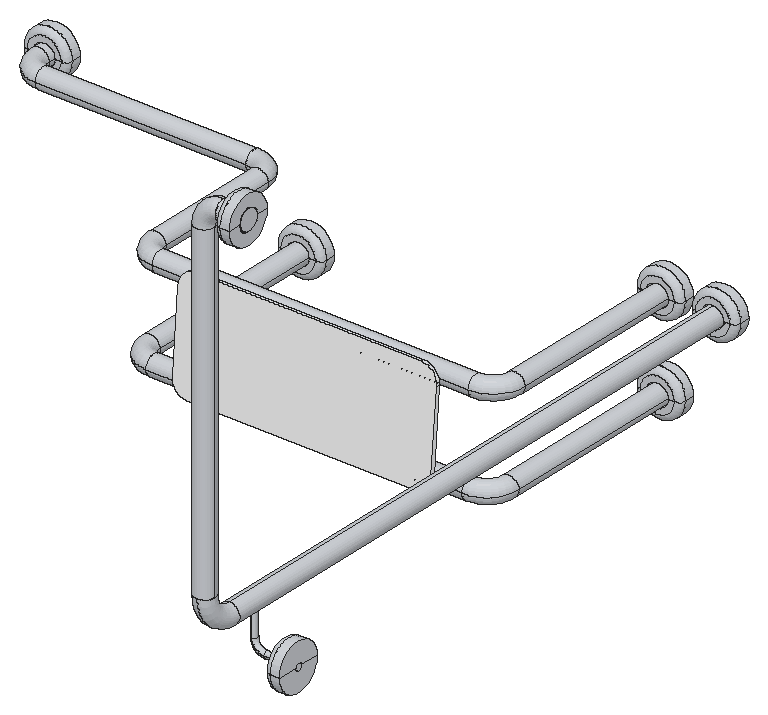
Revit family "AT11ASSE&AT12ASDE_Toilet RaiL_Set", category Generic Models, Revit 2015
Parameters (values of type "AT11A/AT12A - SSE")
  URL = "http://www.surecare.com.au"
  Type Comments = ""
  Model = "AT11ASSE/AT11ASDE"
  Manufacturer = "SURECARE"
  Description = "Toilet GrabRail with Back Rest"
  Back Rest Type = Backrest (4 point fixings to wall) : SSE
Types (2, lengths in mm): name | Back Rest Type
  AT11A/AT12A - SSE | Backrest (4 point fixings to wall) : SSE
  AT11A/AT12A - SDE | Backrest (4 point fixings to wall) : SDE
Reference planes
  plane 1 "Center (Front/Back)": y = 0
  plane 2: z = 0
  plane 3 "Center (Left/Right)": x = 0
  plane 4: x = -450
  plane 5: x = -160
  plane 6: x = -1150
  plane 7: x = -740
  plane 8: z = 800
Dimensions and locks
  locked: plane 4 to plane 3 "Center (Left/Right)" at 450
  aligned and locked: level to plane 2
  aligned and locked: plane 1 "Center (Front/Back)" to nested 2
  aligned and locked: nested 2 to plane 4
Nested families
  nested 1: "Toilet Rail To End Wall with Upturn" at (0, 0, 0) x (0, -1, 0) z (0, 0, 1), type "CrankedRailToEndWall"
  nested 2: "Backrest (4 point fixings to wall)" at (-450, 0, 0), type <- "Back Rest Type", type "SSE"
Definition of nested family "Toilet Rail To End Wall with Upturn"
  Parameters
    URL = "http://www.surecare.com.au/"
    Type Comments = "Toilet Rail"
    TopOfHorizontalRail = 800 mm
    Model = "component of DT5/DT6"
    Manufacturer = "SURECARE"
    DisA = 1050 mm
  Reference planes
    plane 1 "Wall 2": y = 0
    plane 2: z = 0
    plane 3 "Wall 1": x = 0
    plane 4 "Bottom Rail Center": z = 784
    plane 5: z = 800
    plane 6 "RailCentre": y = -71
    plane 7: y = -55
    plane 8: x = 66
    plane 9 "Rail End": x = 1050
    plane 10 "FixingHorizontal": x = 950
    plane 11 "FixingVertical": z = 709
    plane 12 "Rail Top Center": z = 1400
  Forms (mm)
    Revolve 1, solid
      sketch origin (-84, 0, 784) x (-1, 0, 0) y (0, -1, 0)
        loop
          line (-84, 53) -> (-109, 53) -> (-109, 43.5)
          arc (-109, 43.5) -> (-106.071, 36.429) -> (-99, 33.5) r 10
          line (-99, 33.5) -> (-84, 33.5) -> (-84, 53)
        axis (-84, 71) -> (-109, 71)
      angle from 0 to 360
    Revolve 2, solid
      sketch origin (0, 0, 709) x (-1, 0, 0) y (0, -1, 0)
        loop
          line (-956, 0) -> (-956, 25) -> (-977.5, 25)
          arc (-977.5, 25) -> (-984.571, 22.071) -> (-987.5, 15) r 10
          line (-987.5, 15) -> (-987.5, 0) -> (-956, 0)
        axis (-950, 0) -> (-950, 25)
      angle from 0 to 360
    Revolve 3, solid
      sketch origin (0, 0, 1400) x (-1, 0, 0) y (0, -1, 0)
        loop
          line (-1069.218, 0) -> (-1069.218, 25) -> (-1078.718, 25)
          arc (-1078.718, 25) -> (-1085.789, 22.071) -> (-1088.718, 15) r 10
          line (-1088.718, 15) -> (-1088.718, 0) -> (-1069.218, 0)
        axis (-1051.218, 0) -> (-1051.218, 25)
      angle from 0 to 360
    Sweep 4, solid
      path origin (0, 0, 0) x (1, 0, 0) y (0, 0, 1)
        loop
          line (0, 784) -> (1000, 784)
          arc (1000, 784) -> (1035.355, 798.645) -> (1050, 834) r 50
      profile origin (500, 0, 784) x (0, 0, 1) y (0, -1, 0)
        loop
          circle (0, 71) r 16
    Sweep 5, solid
      path origin (950, 0, 0) x (0, 1, 0) y (0, 0, 1)
        loop
          line (-71, 784) -> (-71, 729)
          arc (-71, 729) -> (-65.142, 714.858) -> (-51, 709) r 20
          line (-51, 709) -> (0, 709)
      profile origin (950, -71, 756.5) x (1, 0, 0) y (0, 1, 0)
        loop
          circle (0, 0) r 5
    Sweep 6, solid
      path origin (1050, 477.243, 1200) x (0, 1, 0) y (0, 0, 1)
        loop
          line (-548.243, -366) -> (-548.243, 170)
          arc (-548.243, 170) -> (-539.457, 191.213) -> (-518.243, 200) r 30
          line (-518.243, 200) -> (-477.243, 200)
      profile origin (1050, -71, 1102) x (0, -1, 0) y (1, 0, 0)
        loop
          circle (0, 0) r 16
  Cuts and joins
    joined: Sweep 4, Sweep 6
  Dimensions and locks
    locked: plane 5 to plane 4 "Bottom Rail Center" at 16
    locked: plane 1 "Wall 2" to plane 6 "RailCentre" at 71
    plane 7 to plane 6 "RailCentre" = 16 mm
    plane 3 "Wall 1" to plane 8 = 66 mm
    locked: plane 3 "Wall 1" to Revolve 1 sketch curve at 15
    locked: plane 3 "Wall 1" to Revolve 1 sketch curve at 25
    locked: Revolve 1 sketch curve to plane 6 "RailCentre" at 18
    locked: Revolve 1 sketch curve to plane 6 "RailCentre" at 37.5
    "DisA": plane 9 "Rail End" to plane 3 "Wall 1"
    plane 9 "Rail End" to plane 10 "FixingHorizontal" = 100 mm
    "TopOfHorizontalRail": plane 5 to level
    plane 4 "Bottom Rail Center" to plane 11 "FixingVertical" = 75 mm
    plane 10 "FixingHorizontal" to Revolve 2 sketch curve = 6 mm
    locked: plane 10 "FixingHorizontal" to Revolve 2 sketch curve at 37.5
    Revolve 2 sketch curve to plane 1 "Wall 2" = 15 mm
    locked: Revolve 2 sketch curve to plane 1 "Wall 2" at 25
    plane 12 "Rail Top Center" to plane 5 = 600 mm
    radius of Sweep 4 sketch curve = 16 mm
    aligned and locked: level to plane 2
    aligned and locked: Revolve 2 sketch curve to plane 10 "FixingHorizontal"
    aligned and locked: Revolve 3 to plane 1 "Wall 2"
    aligned and locked: Sweep 4 sketch curve to plane 4 "Bottom Rail Center"
    aligned and locked: plane 12 "Rail Top Center" to Sweep 6 sketch curve
  Automatic sketch dimensions
    Revolve 1 sketch curve to plane 6 "RailCentre" = 0 mm
    Revolve 1 sketch curve to plane 3 "Wall 1" = 0 mm  (x2)
    Revolve 1 sketch curve to plane 8 = 29 mm
    plane 1 "Wall 2" to Revolve 2 sketch curve = 0 mm  (x2)
    Revolve 2 sketch curve to plane 6 "RailCentre" = 24 mm
    profile plane to Sweep 4 sketch curve = 0 mm
    plane 1 "Wall 2" to Sweep 4 sketch curve = 71 mm
    Sweep 5 sketch curve to plane 6 "RailCentre" = 0 mm
    Sweep 5 sketch curve to plane 11 "FixingVertical" = 0 mm
    Sweep 5 sketch curve to plane 1 "Wall 2" = 0 mm
    Sweep 5 sketch curve to plane 4 "Bottom Rail Center" = 0 mm
    plane 7 to Sweep 5 sketch curve = 4 mm
    Sweep 5 sketch curve to plane 10 "FixingHorizontal" = 0 mm
    profile plane to Sweep 5 sketch curve = 0 mm
    Sweep 4 sketch curve to plane 3 "Wall 1" = 0 mm
    Sweep 4 sketch curve to plane 9 "Rail End" = 0 mm
    plane 5 to Sweep 4 sketch curve = 34 mm
    Sweep 6 sketch curve to plane 6 "RailCentre" = 0 mm
    Sweep 6 sketch curve to plane 1 "Wall 2" = 0 mm
    plane 7 to Sweep 6 sketch curve = 14 mm
    plane 5 to Sweep 6 sketch curve = 34 mm
    Sweep 6 sketch curve to plane 9 "Rail End" = 0 mm
    Sweep 6 sketch curve to profile plane = 0 mm
    plane 1 "Wall 2" to Revolve 3 sketch curve = 0 mm  (x2)
    plane 9 "Rail End" to Revolve 3 sketch curve = 38.718 mm
    Revolve 3 sketch curve to Revolve 3 sketch curve = 10 mm
    Revolve 3 sketch curve to Revolve 3 sketch curve = 9.5 mm
    plane 9 "Rail End" to Revolve 3 sketch curve = 1.218 mm
    Revolve 3 sketch curve to Revolve 3 sketch curve = 15 mm
    Revolve 3 sketch curve to plane 6 "RailCentre" = 24 mm
    radius of Sweep 5 sketch curve = 5 mm
    radius of Sweep 6 sketch curve = 16 mm
Definition of nested family "Backrest (4 point fixings to wall)"
  Parameters
    URL = "http://www.surecare.com.au/"
    Type Comments = "SureStandard Easirest Rail"
    SSE = yes
    SDE = no
    OverallHeight = 800 mm
    Model = "SSE"
    Manufacturer = "SURE CARE"
    Depth = 360 mm
    BackRestWidth = 418 mm
  Reference planes
    plane 1 "BackWall": y = 0
    plane 2: z = 0
    plane 3 "Center (Left/Right)": x = 0
    plane 4 "BottomRail": z = 640
    plane 5 "MainRailTop": z = 800
    plane 6 "Front": y = -360
    plane 7 "SideWall": x = 450
    plane 8 "MainRailCentre(Top/Bottom)": z = 784
    plane 9 "Fixing 1": x = 290
    plane 10 "Fixing 2": x = -290
    plane 11 "Fixing 3": x = -700
    plane 12: y = -71
  Forms (mm)
    Revolve 1, solid
      sketch origin (0, 0, 640) x (0, 1, 0) y (-1, 0, 0)
        loop
          line (0, 327.5) -> (-15, 327.5)
          arc (-15, 327.5) -> (-22.071, 324.571) -> (-25, 317.5) r 10
          line (-25, 317.5) -> (-25, 308) -> (0, 308) -> (0, 327.5)
        axis (0, 290) -> (-25, 290)
      angle from 0 to 360
    Revolve 2, solid
      sketch origin (0, 0, 640) x (0, 1, 0) y (-1, 0, 0)
        loop
          line (0, -252.5) -> (-15, -252.5)
          arc (-15, -252.5) -> (-22.071, -255.429) -> (-25, -262.5) r 10
          line (-25, -262.5) -> (-25, -272) -> (0, -272) -> (0, -252.5)
        axis (0, -290) -> (-25, -290)
      angle from 0 to 360
    Revolve 3, solid
      sketch origin (0, 0, 784) x (0, 1, 0) y (-1, 0, 0)
        loop
          line (0, -252.5) -> (-15, -252.5)
          arc (-15, -252.5) -> (-22.071, -255.429) -> (-25, -262.5) r 10
          line (-25, -262.5) -> (-25, -272) -> (0, -272) -> (0, -252.5)
        axis (0, -290) -> (-25, -290)
      angle from 0 to 360
    Revolve 4, solid
      sketch origin (0, 0, 784) x (0, 1, 0) y (-1, 0, 0)
        loop
          line (0, 737.5) -> (-15, 737.5)
          arc (-15, 737.5) -> (-22.071, 734.571) -> (-25, 727.5) r 10
          line (-25, 727.5) -> (-25, 718) -> (0, 718) -> (0, 737.5)
        axis (0, 700) -> (-25, 700)
      angle from 0 to 360
    Sweep 5, solid
      path origin (0, 0, 640) x (0, 1, 0) y (-1, 0, 0)
        loop
          line (0, 290) -> (-325, 290)
          arc (-325, 290) -> (-349.749, 279.749) -> (-360, 255) r 35
          line (-360, 255) -> (-360, -255)
          arc (-360, -255) -> (-349.749, -279.749) -> (-325, -290) r 35
          line (-325, -290) -> (0, -290)
      profile origin (-290, -162.5, 640) x (1, 0, 0) y (0, 0, 1)
        loop
          circle (0, 0) r 16
    Sweep 6, solid
      path origin (0, 0, 784) x (0, 1, 0) y (-1, 0, 0)
        loop
          line (0, 700) -> (-36, 700)
          arc (-36, 700) -> (-60.749, 689.749) -> (-71, 665) r 35
          line (-71, 665) -> (-71, 325)
          arc (-71, 325) -> (-81.251, 300.251) -> (-106, 290) r 35
          line (-106, 290) -> (-312.402, 290)
          arc (-312.402, 290) -> (-337.15, 279.749) -> (-347.402, 255) r 35
          line (-347.402, 255) -> (-347.402, -255)
          arc (-347.402, -255) -> (-337.15, -279.749) -> (-312.402, -290) r 35
          line (-312.402, -290) -> (0, -290)
      profile origin (-700, -18, 784) x (1, 0, 0) y (0, 0, 1)
        loop
          circle (0, 0) r 16
    Extrusion 7, solid, visible <- "SSE"
      sketch origin (-167.5, -360, 640) x (0, 0.087156, 0.996195) y (1, 0, 0)
        loop
          arc (160.59, 348.859) -> (152.494, 368.404) -> (132.949, 376.5) r 27.641
          line (132.949, 376.5) -> (5.59, 376.5)
          arc (5.59, 376.5) -> (-12.088, 369.178) -> (-19.41, 351.5) r 25
          line (-19.41, 351.5) -> (-19.41, -16.5)
          arc (-19.41, -16.5) -> (-12.088, -34.178) -> (5.59, -41.5) r 25
          line (5.59, -41.5) -> (132.949, -41.5)
          arc (132.949, -41.5) -> (152.494, -33.404) -> (160.59, -13.859) r 27.641
          line (160.59, -13.859) -> (160.59, 348.859)
      from -21 to -16
    Extrusion 8, solid, visible <- "SDE"
      sketch origin (-167.5, -360, 640) x (0, 0.087156, 0.996195) y (1, 0, 0)
        loop
          arc (160.567, 351.949) -> (153.376, 369.309) -> (136.016, 376.5) r 24.551
          line (136.016, 376.5) -> (5.567, 376.5)
          arc (5.567, 376.5) -> (-12.111, 369.178) -> (-19.433, 351.5) r 25
          line (-19.433, 351.5) -> (-19.433, -16.5)
          arc (-19.433, -16.5) -> (-12.111, -34.178) -> (5.567, -41.5) r 25
          line (5.567, -41.5) -> (136.016, -41.5)
          arc (136.016, -41.5) -> (153.376, -34.309) -> (160.567, -16.949) r 24.551
          line (160.567, -16.949) -> (160.567, 351.949)
      from -36 to -16
  Lines and regions (mm)
    reference lines
      curve 1: line (-167.5, -360, 640) -> (-167.5, -347.402, 784)
  Dimensions and locks
    "OverallHeight": plane 5 "MainRailTop" to level
    "Depth": plane 1 "BackWall" to plane 6 "Front"
    locked: Revolve 1 sketch curve to plane 1 "BackWall" at 15
    locked: Revolve 2 sketch curve to Revolve 2 sketch curve at 18
    locked: Revolve 2 sketch curve to Revolve 2 sketch curve at 37.5
    locked: Revolve 2 sketch curve to plane 1 "BackWall" at 15
    locked: Revolve 2 sketch curve to plane 1 "BackWall" at 25
    locked: plane 3 "Center (Left/Right)" to plane 7 "SideWall" at 450
    plane 5 "MainRailTop" to level = 800 mm
    locked: plane 5 "MainRailTop" to plane 8 "MainRailCentre(Top/Bottom)" at 16
    locked: plane 9 "Fixing 1" to plane 7 "SideWall" at 160
    locked: plane 10 "Fixing 2" to plane 9 "Fixing 1" at 580
    locked: plane 11 "Fixing 3" to plane 10 "Fixing 2" at 410
    plane 4 "BottomRail" to level = 640 mm
    locked: Revolve 3 sketch curve to Revolve 3 sketch curve at 18
    locked: Revolve 3 sketch curve to Revolve 3 sketch curve at 37.5
    locked: Revolve 4 sketch curve to Revolve 4 sketch curve at 18
    locked: Revolve 4 sketch curve to Revolve 4 sketch curve at 37.5
    plane 12 to plane 1 "BackWall" = 71 mm
    "BackRestWidth": Extrusion 8 sketch curve to Extrusion 8 sketch curve
    "BackRestWidth": Extrusion 7 sketch curve to Extrusion 7 sketch curve
    equal spacing: Extrusion 8 sketch curve, plane 3 "Center (Left/Right)", Extrusion 8 sketch curve
    locked: Extrusion 8 sketch curve to Extrusion 8 sketch curve at 180
    locked: Extrusion 7 sketch curve to Extrusion 7 sketch curve at 180
    plane 6 "Front" to plane 1 "BackWall" = 360 mm
    radius of Sweep 6 sketch curve = 35 mm  (x2)
    angle plane 4 "BottomRail" to curve 1 = 95.00°
    aligned and locked: level to plane 2
    aligned and locked: Revolve 2 sketch curve to plane 9 "Fixing 1"
    aligned and locked: Revolve 1 sketch curve to plane 10 "Fixing 2"
    aligned and locked: Revolve 3 sketch curve to plane 9 "Fixing 1"
    aligned and locked: Revolve 4 sketch curve to plane 11 "Fixing 3"
    aligned and locked: Sweep 5 sketch curve to plane 10 "Fixing 2"
    aligned and locked: Sweep 5 sketch curve to plane 9 "Fixing 1"
    aligned and locked: Sweep 6 sketch curve to plane 11 "Fixing 3"
    aligned and locked: Sweep 6 sketch curve to plane 9 "Fixing 1"
  Automatic sketch dimensions
    plane 1 "BackWall" to Revolve 1 sketch curve = 0 mm  (x2)
    Revolve 1 sketch curve to Revolve 1 sketch curve = 10 mm
    plane 6 "Front" to Revolve 1 sketch curve = 369.429 mm
    Revolve 1 sketch curve to Revolve 1 sketch curve = 18 mm
    Revolve 1 sketch curve to Revolve 1 sketch curve = 9.5 mm
    plane 1 "BackWall" to Revolve 2 sketch curve = 0 mm  (x2)
    plane 6 "Front" to Revolve 2 sketch curve = 369.429 mm
    plane 1 "BackWall" to Revolve 3 sketch curve = 0 mm  (x2)
    plane 1 "BackWall" to Revolve 3 sketch curve = 15 mm
    Revolve 3 sketch curve to Revolve 3 sketch curve = 10 mm
    plane 6 "Front" to Revolve 3 sketch curve = 369.429 mm
    plane 1 "BackWall" to Revolve 4 sketch curve = 0 mm  (x2)
    Revolve 4 sketch curve to Revolve 4 sketch curve = 15 mm
    Revolve 4 sketch curve to Revolve 4 sketch curve = 10 mm
    plane 6 "Front" to Revolve 4 sketch curve = 369.429 mm
    level to Sweep 5 sketch curve = 640 mm
    profile plane to Sweep 5 sketch curve = 0 mm
    plane 6 "Front" to Sweep 5 sketch curve = 0 mm
    plane 1 "BackWall" to Sweep 5 sketch curve = 0 mm  (x2)
    Sweep 5 sketch curve to plane 6 "Front" = 35 mm  (x2)
    curve 1 to plane 6 "Front" = 0 mm
    Sweep 6 sketch curve to plane 10 "Fixing 2" = 0 mm
    Sweep 6 sketch curve to plane 12 = 0 mm
    plane 1 "BackWall" to Sweep 6 sketch curve = 0 mm  (x2)
    Sweep 6 sketch curve to plane 10 "Fixing 2" = 35 mm
    plane 12 to Sweep 6 sketch curve = 35 mm
    Sweep 6 sketch curve to plane 8 "MainRailCentre(Top/Bottom)" = 0 mm
    profile plane to Sweep 6 sketch curve = 0 mm
    Sweep 6 sketch curve to plane 6 "Front" = 12.598 mm
    curve 1 to plane 4 "BottomRail" = 0 mm
    Extrusion 8 sketch curve to Extrusion 8 sketch curve = 25 mm
    Extrusion 8 sketch curve to curve 1 = 8.534 mm  (x2)
    curve 1 to Extrusion 8 sketch curve = 16.017 mm
    curve 1 to Extrusion 8 sketch curve = 5.567 mm
    curve 1 to Extrusion 7 sketch curve = 5.59 mm  (x2)
    Extrusion 7 sketch curve to curve 1 = 11.601 mm  (x2)
    curve 1 to Extrusion 7 sketch curve = 16.04 mm
    curve 1 to Extrusion 7 sketch curve = 16.5 mm
    radius of Sweep 5 sketch curve = 16 mm
    radius of Sweep 6 sketch curve = 16 mm
